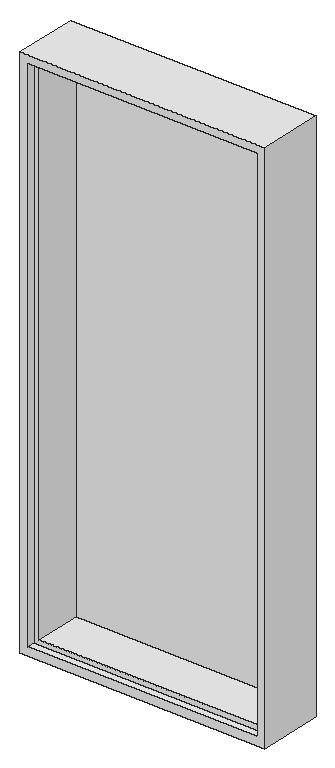
Revit family
Parameters
  프레임 투영 외부. = 25 mm
  프레임 투영 내부. = 25 mm
  프레임 폭 = 75 mm
  Height = 2200 mm
  Wall Closure = (empty or 0)
  Width = 1000 mm
  문 패널 = SD3 문 패널
  문 프레임 = SD3 문 프레임
Reference planes
  plane 1: y = 0
  plane 2 "중심(왼쪽/오른쪽)": x = 0
  plane 3 "왼쪽": x = -500
  plane 4 "오른쪽": x = 500
  plane 5: z = 2200
  plane 6 "외부": y = 100
  plane 7 "내부": y = -100
  plane 8: x = 470
  plane 9: y = 130
  plane 10: y = -130
  plane 11: x = -470
  plane 12: x = -450
  plane 13: x = 450
  plane 14: y = 95
  plane 15: y = -95
  plane 16: z = 1100
  plane 17: z = 2170
  plane 18: z = 2150
  plane 19: z = 900
  plane 20: z = 870
  plane 21: z = 930
  plane 22: x = 400
  plane 23: x = 370
Forms (mm)
  Sweep 1, solid, material "SD3 문 프레임" <- "문 프레임"
    path origin (2625, 130, 1200) x (1, 0, 0) y (0, 0, 1)
      loop
        line (-2125, 1000) -> (-3125, 1000) -> (-3125, -1200) -> (-2125, -1200) -> (-2125, 1000)
    profile origin (500, 130, 0) x (-1, 0, 0) y (0, -1, 0)
      loop
        line (0, 0) -> (30, 0) -> (30, 35) -> (50, 35) -> (50, 225) -> (30, 225) -> (30, 260) -> (0, 260) -> (0, 0)
  Extrusion 2, solid, material "SD3 문 패널" <- "문 패널"
    sketch origin (0, 0, 0) x (1, 0, 0) y (0, 1, 0)
      loop
        line (-470, 130) -> (-470, 95) -> (470, 95) -> (470, 130) -> (-470, 130)
    from 30 to 2170
Lines and regions (mm)
  Opening 1
    outline origin (-3050, -100, 0) x (1, 0, 0) y (0, 0, 1)
      loop
        line (2550, 0) -> (3550, 0) -> (3550, 2200) -> (2550, 2200) -> (2550, 0)
  symbolic lines, style "평면 스윙"
    curve 1: line (-470, 130, 0) -> (-470, 1070, 0)
    curve 2: line (-470, 1070, 0) -> (-435, 1070, 0)
    curve 3: line (-435, 1070, 0) -> (-435, 130, 0)
    curve 4: line (-435, 130, 0) -> (-470, 130, 0)
    curve 5: arc (-435, 1070, 0) -> (207.168, 782.606, 0) -> (470, 130, 0) r 940
  symbolic lines, style "입면도 스윙"
    curve 6: line (470, 130, 2170) -> (-470, 130, 1100)
    curve 7: line (-470, 130, 1100) -> (470, 130, 30)
  symbolic lines
    curve 8: circle (400, 130, 900) r 30 normal (0, -1, 0)
    curve 9: line (400, 130, 840) -> (400, 130, 960)
    curve 10: line (460, 130, 900) -> (340, 130, 900)
Text (mm)
  text "외부" at (-2295.016, 1099.543, 0), in view "참조 레벨"
  text "외부" at (0, 1615.38, 3698.081), in view "왼쪽"
  text "외부" at (0, 1036.032, 3874.932), in view "오른쪽"
Dimensions and locks
  equal spacing: plane 3 "왼쪽", plane 2 "중심(왼쪽/오른쪽)", plane 4 "오른쪽"
  "Width": plane 3 "왼쪽" to plane 4 "오른쪽"
  "Height": plane 5 to host wall
  host wall to plane 5 = 2200 mm  (x2)
  locked: plane 6 "외부" to host wall at 0
  locked: plane 7 "내부" to host wall
  plane 14 to plane 6 "외부" to plane 9 = 5 mm locked, 30 mm locked
  plane 10 to plane 7 "내부" to plane 15 = 30 mm locked, 5 mm locked
  plane 3 "왼쪽" to plane 11 to plane 12 = 30 mm locked, 20 mm locked
  plane 13 to plane 8 to plane 4 "오른쪽" = 20 mm locked, 30 mm locked
  equal spacing: level, plane 16, plane 5
  plane 18 to plane 17 to plane 5 = 20 mm locked, 30 mm locked
  plane 23 to plane 22 to plane 13 = 30 mm locked, 50 mm locked
  locked: level to plane 19 at 900
  plane 20 to plane 19 to plane 21 = 30 mm locked, 30 mm locked
  aligned and locked: plane 3 "왼쪽" to Opening 1 sketch curve
  aligned and locked: plane 5 to Opening 1 sketch curve  (x2)
  aligned and locked: Opening 1 sketch curve to plane 4 "오른쪽"
  aligned and locked: Opening 1 sketch curve to level
  aligned and locked: plane 1 to host wall
  aligned and locked: host wall to Sweep 1 sketch curve
  aligned and locked: Sweep 1 sketch curve to host wall  (x3)
  aligned and locked: Sweep 1 sketch curve to plane 4 "오른쪽"
  aligned and locked: plane 10 to Sweep 1 sketch curve
  aligned and locked: plane 8 to Sweep 1 sketch curve  (x2)
  aligned and locked: Sweep 1 sketch curve to plane 9
  aligned and locked: plane 13 to Sweep 1 sketch curve
  aligned and locked: Sweep 1 sketch curve to plane 14
  aligned and locked: plane 15 to Sweep 1 sketch curve
  aligned and locked: Sweep 1 to Extrusion 2 sketch curve
  aligned and locked: Extrusion 2 sketch curve to Sweep 1  (x3)
  aligned and locked: Extrusion 2 to plane 17
  aligned and locked: Extrusion 2 to Sweep 1
  aligned and locked: curve 5 to Sweep 1
  aligned and locked: Sweep 1 to curve 7
  aligned and locked: plane 19 to curve 10
Automatic sketch dimensions
  curve 1 to plane 11 = 0 mm
  curve 4 to plane 9 = 0 mm
  curve 5 to plane 8 = 0 mm
  curve 5 to plane 11 = 0 mm
  curve 4 to plane 12 = 15 mm
  curve 5 to plane 9 = 0.652 mm
  curve 6 to plane 11 = 0 mm
  curve 9 to plane 22 = 0 mm
  curve 8 to plane 19 = 0 mm
  curve 8 to plane 22 = 0 mm
  curve 6 to plane 8 = 0 mm
  curve 6 to plane 16 = 0 mm
  curve 6 to plane 17 = 0 mm
  plane 23 to curve 10 = 30 mm
  plane 8 to curve 10 = 10 mm
  curve 9 to plane 20 = 30 mm
  level to curve 7 = 30 mm
  plane 21 to curve 9 = 30 mm
  radius of curve 8 = 30 mm
